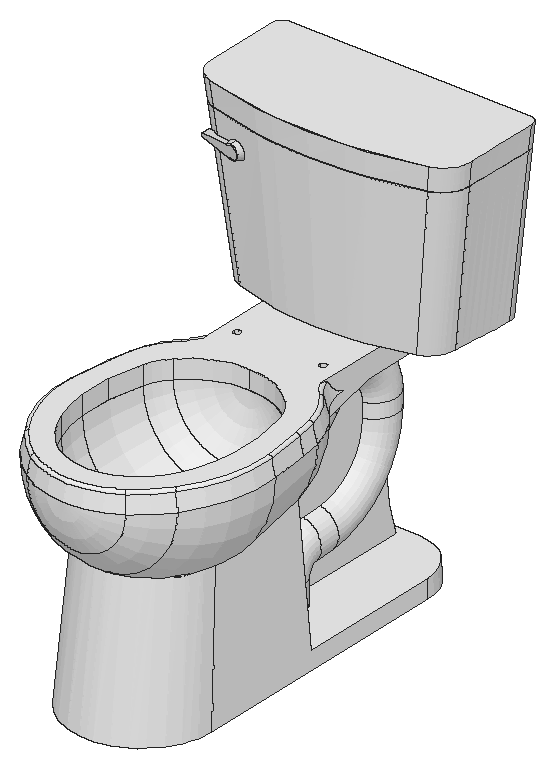
Revit family "Plumbing-Pressure-Assist-Water-Closet-Sloan-Valve-WETS-80298018z", category Plumbing Fixtures, host Face, Revit 2021 (continued)
Automatic sketch dimensions
  Masking region 1 sketch curve to Masking region 1 sketch curve = 3.22134"
  Masking region 1 sketch curve to Masking region 1 sketch curve = 1 1/4"
  Masking region 1 sketch curve to Masking region 1 sketch curve = 18.90159"
  Masking region 1 sketch curve to Masking region 1 sketch curve = 19.0791"
  Masking region 2 sketch curve to Masking region 2 sketch curve = 0"  (x21)
  Masking region 2 sketch curve to Masking region 2 sketch curve = 3/4"
  Masking region 2 sketch curve to Masking region 2 sketch curve = 1.02866"
  Masking region 2 sketch curve to Masking region 2 sketch curve = 2"  (x2)
  Masking region 2 sketch curve to Masking region 2 sketch curve = 2 1/4"  (x2)
  Masking region 2 sketch curve to Masking region 2 sketch curve = 2.79716"
  Masking region 2 sketch curve to Masking region 2 sketch curve = 0.52667"  (x2)
  Masking region 2 sketch curve to Masking region 2 sketch curve = 1.24583"
  Masking region 2 sketch curve to Masking region 2 sketch curve = 1.55117"  (x2)
  Masking region 2 sketch curve to Masking region 2 sketch curve = 1.66402"
  Masking region 2 sketch curve to Masking region 2 sketch curve = 0.70915"  (x2)
  Masking region 2 sketch curve to Masking region 2 sketch curve = 2.22418"  (x2)
  Masking region 2 sketch curve to Masking region 2 sketch curve = 0.38996"  (x2)
  Masking region 2 sketch curve to Masking region 2 sketch curve = 3.913"
  Masking region 2 sketch curve to Masking region 2 sketch curve = 4.50109"  (x2)
  Masking region 2 sketch curve to Masking region 2 sketch curve = 2.37129"  (x2)
  Masking region 2 sketch curve to Masking region 2 sketch curve = 2.31605"  (x2)
  Masking region 2 sketch curve to Masking region 2 sketch curve = 2.56575"  (x2)
  Masking region 2 sketch curve to Masking region 2 sketch curve = 5 33/128"
  Masking region 2 sketch curve to Masking region 2 sketch curve = 5.26793"
  Masking region 2 sketch curve to Masking region 2 sketch curve = 0.29604"  (x2)
  Masking region 2 sketch curve to Masking region 2 sketch curve = 17.12237"
  Masking region 2 sketch curve to Masking region 2 sketch curve = 8 3/8"
  Masking region 2 sketch curve to Masking region 2 sketch curve = 9 3/4"
  Masking region 2 sketch curve to Masking region 2 sketch curve = 3.22134"
  Masking region 2 sketch curve to Masking region 2 sketch curve = 1 1/4"
  Masking region 2 sketch curve to Masking region 2 sketch curve = 18.90159"
  Masking region 2 sketch curve to Masking region 2 sketch curve = 19.0791"
  plane 7 to Sweep 3 sketch curve = 16.44118"
  plane 7 to Sweep 3 sketch curve = 11 1/4"
  Sweep 3 sketch curve to Sweep 3 sketch curve = 1.57944"
  Sweep 3 sketch curve to Sweep 3 sketch curve = 1.22254"
  Sweep 3 sketch curve to Sweep 3 sketch curve = 1.50376"
  Sweep 3 sketch curve to Sweep 3 sketch curve = 2.37343"
  Sweep 3 sketch curve to Sweep 3 sketch curve = 3"
  Sweep 3 sketch curve to Sweep 3 sketch curve = 0.23912"
  Sweep 3 sketch curve to Sweep 3 sketch curve = 2.19457"
  Sweep 3 sketch curve to Sweep 3 sketch curve = 1.02691"
  Sweep 3 sketch curve to Sweep 3 sketch curve = 6.01869"
  Sweep 3 sketch curve to Sweep 3 sketch curve = 5.81653"
  Sweep 3 sketch curve to Sweep 3 sketch curve = 0.44425"
  Sweep 3 sketch curve to Sweep 3 sketch curve = 0"
  Sweep 3 sketch curve to Sweep 3 sketch curve = 1.66667"
  Sweep 3 sketch curve to Sweep 3 sketch curve = 0.07881"
  Sweep 3 sketch curve to Sweep 3 sketch curve = 2.69248"
  Extrusion 21 sketch curve to plane 7 = 0"
  plane 7 to Extrusion 21 sketch curve = 10.781"
  Extrusion 21 sketch curve to Extrusion 21 sketch curve = 2"
  plane 11 to Blend 22 sketch curve = 23 1/2"
  Blend 22 sketch curve to Blend 22 sketch curve = 3 1/2"  (x2)
  Blend 22 sketch curve to Blend 22 sketch curve = 4 7/8"
  Blend 22 sketch curve to Blend 22 sketch curve = 2 3/4"
  plane 11 to Blend 22 sketch curve = 4 67/128"
  plane 11 to Blend 22 sketch curve = 22.25397"
  plane 11 to Blend 22 sketch curve = 1 3/128"
  Blend 22 sketch curve to Blend 22 sketch curve = 4 5/16"
  Blend 22 sketch curve to Blend 22 sketch curve = 1 5/8"
  plane 11 to Extrusion 23 sketch curve = 13.77953"
  Extrusion 23 sketch curve to Extrusion 23 sketch curve = 5.00662"
  Extrusion 23 sketch curve to Extrusion 23 sketch curve = 1.37144"
  Extrusion 23 sketch curve to Extrusion 23 sketch curve = 0.83072"
  plane 11 to Extrusion 23 sketch curve = 2.01421"
  plane 11 to Extrusion 23 sketch curve = 1.80632"
  Extrusion 23 sketch curve to Extrusion 23 sketch curve = 1.24829"
  Extrusion 23 sketch curve to Extrusion 23 sketch curve = 2.7937"
  Sweep 24 sketch curve to profile plane = 0"  (x2)
  plane 8 to Blend 26 sketch curve = 0.21467"
  plane 8 to Blend 26 sketch curve = 0.58558"
  plane 11 to Blend 26 sketch curve = 5/16"
  plane 8 to Blend 26 sketch curve = 0.96182"
  Blend 26 sketch curve to Blend 26 sketch curve = 1.99239"
  plane 8 to Blend 26 sketch curve = 7 15/16"
  plane 9 to Blend 26 sketch curve = 2.57797"
  plane 9 to Blend 26 sketch curve = 0.96182"
  plane 9 to Blend 26 sketch curve = 0.58558"
  plane 9 to Blend 26 sketch curve = 0.21467"
  Blend 26 sketch curve to Blend 26 sketch curve = 3/4"  (x3)
  Blend 26 sketch curve to Blend 26 sketch curve = 4.13053"  (x2)
  Blend 26 sketch curve to Blend 26 sketch curve = 0.17431"  (x2)
  Blend 26 sketch curve to plane 11 = 9.28691"
  Blend 26 sketch curve to Blend 26 sketch curve = 0"  (x2)
  plane 11 to Blend 26 sketch curve = 0"
  plane 11 to Blend 26 sketch curve = 6 1/128"  (x2)
  Blend 26 sketch curve to Blend 26 sketch curve = 2"
  Blend 26 sketch curve to Blend 26 sketch curve = 8 3/8"
  Blend 26 sketch curve to Blend 26 sketch curve = 14 1/4"
  plane 11 to Blend 26 sketch curve = 3/4"
  Blend 26 sketch curve to Blend 26 sketch curve = 1 1/4"
  Blend 26 sketch curve to plane 11 = 19.0791"
  Extrusion 27 sketch curve to Extrusion 27 sketch curve = 2.41998"
  Extrusion 27 sketch curve to Extrusion 27 sketch curve = 0.01099"
  Extrusion 27 sketch curve to Extrusion 27 sketch curve = 0.0192"
  Extrusion 27 sketch curve to Extrusion 27 sketch curve = 0.16999"
  Extrusion 27 sketch curve to Extrusion 27 sketch curve = 0.15715"
  Extrusion 27 sketch curve to Extrusion 27 sketch curve = 0.78299"
  Revolve 28 sketch curve to Revolve 28 sketch curve = 0.48262"
  Revolve 28 sketch curve to Revolve 28 sketch curve = 1/2"
  Revolve 28 sketch curve to Revolve 28 sketch curve = 0.47889"
  Revolve 28 sketch curve to Revolve 28 sketch curve = 0.02676"
  Revolve 28 sketch curve to Revolve 28 sketch curve = 0.15681"
  Revolve 28 sketch curve to Revolve 28 sketch curve = 0"  (x2)
  Revolve 28 sketch curve to Revolve 28 sketch curve = 0.11261"
  plane 11 to Revolve 29 sketch curve = 18.41431"
  Revolve 29 sketch curve to Revolve 29 sketch curve = 0.38226"
  Revolve 29 sketch curve to Revolve 29 sketch curve = 213/256"
  Revolve 29 sketch curve to Revolve 29 sketch curve = 0"  (x10)
  Revolve 29 sketch curve to Revolve 29 sketch curve = 1.55117"
  Revolve 29 sketch curve to Revolve 29 sketch curve = 0.52667"
  Revolve 29 sketch curve to Revolve 29 sketch curve = 1.06316"
  Revolve 29 sketch curve to Revolve 29 sketch curve = 0.55817"
  Revolve 29 sketch curve to Revolve 29 sketch curve = 4.78572"
  Revolve 29 sketch curve to Revolve 29 sketch curve = 17.76248"
  Revolve 29 sketch curve to Revolve 29 sketch curve = 1.12242"
  Revolve 29 sketch curve to Revolve 29 sketch curve = 1.54616"
  Revolve 29 sketch curve to Revolve 29 sketch curve = 1.91616"
  Revolve 29 sketch curve to Revolve 29 sketch curve = 0.22012"
  Revolve 29 sketch curve to Revolve 29 sketch curve = 0.002"
  Revolve 29 sketch curve to Revolve 29 sketch curve = 0.38996"
  Revolve 29 sketch curve to Revolve 29 sketch curve = 2.4971"
  Revolve 29 sketch curve to Revolve 29 sketch curve = 1.76271"
  Revolve 29 sketch curve to Revolve 29 sketch curve = 0.46147"
  Revolve 29 sketch curve to Revolve 29 sketch curve = 1.76813"
  Revolve 29 sketch curve to Revolve 29 sketch curve = 2.37097"
  Revolve 29 sketch curve to Revolve 29 sketch curve = 1.94676"
  Revolve 29 sketch curve to Revolve 29 sketch curve = 0.65231"
  Revolve 29 sketch curve to Revolve 29 sketch curve = 3.62883"
  Revolve 29 sketch curve to Revolve 29 sketch curve = 2.41279"
  Revolve 29 sketch curve to Revolve 29 sketch curve = 0.18389"
  Revolve 29 sketch curve to Revolve 29 sketch curve = 1/2"
  Extrusion 30 sketch curve to Extrusion 30 sketch curve = 0.67182"
  Extrusion 30 sketch curve to Extrusion 30 sketch curve = 1.77234"
  Extrusion 30 sketch curve to Extrusion 30 sketch curve = 1.545"  (x2)
  Extrusion 30 sketch curve to Extrusion 30 sketch curve = 93/128"
  Extrusion 30 sketch curve to Extrusion 30 sketch curve = 0.40828"
  Extrusion 30 sketch curve to Extrusion 30 sketch curve = 2.54228"
  Extrusion 30 sketch curve to Extrusion 30 sketch curve = 2.74948"
  Blend 31 sketch curve to Blend 31 sketch curve = 0.99706"
  Blend 31 sketch curve to Blend 31 sketch curve = 0.24541"
  Blend 31 sketch curve to Blend 31 sketch curve = 1 13/16"
  Blend 31 sketch curve to Blend 31 sketch curve = 0.37271"
  Blend 32 sketch curve to Blend 32 sketch curve = 1 13/16"  (x2)
  Blend 32 sketch curve to Blend 32 sketch curve = 0.37271"
  Blend 32 sketch curve to Blend 32 sketch curve = 1.15396"
  plane 11 to Sweep 33 sketch curve = 26.57715"
  Sweep 33 sketch curve to Sweep 33 sketch curve = 9.12902"
  Sweep 33 sketch curve to Sweep 33 sketch curve = 0.84594"
  Sweep 33 sketch curve to Sweep 33 sketch curve = 3.46596"
  Sweep 33 sketch curve to Sweep 33 sketch curve = 1.9345"
  Sweep 33 sketch curve to Sweep 33 sketch curve = 0.18533"
  Sweep 33 sketch curve to Sweep 33 sketch curve = 1.3913"
  Sweep 33 sketch curve to Sweep 33 sketch curve = 1.1687"
  Sweep 33 sketch curve to Sweep 33 sketch curve = 3.42714"
  Sweep 33 sketch curve to Sweep 33 sketch curve = 1.86098"
  Sweep 33 sketch curve to Sweep 33 sketch curve = 1.34254"
  Sweep 33 sketch curve to Sweep 33 sketch curve = 1.96082"
  Sweep 33 sketch curve to Sweep 33 sketch curve = 0"  (x3)
  Sweep 33 sketch curve to Sweep 33 sketch curve = 2.59819"
  Sweep 33 sketch curve to profile plane = 0"
  Sweep 33 sketch curve to profile plane = 0.99706"  (x2)
  Sweep 34 sketch curve to Sweep 34 sketch curve = 0"  (x12)
  Sweep 34 sketch curve to plane 10 = 0"  (x4)
  plane 10 to Sweep 34 sketch curve = 5.70094"  (x2)
  plane 11 to Sweep 34 sketch curve = 10.88962"
  Sweep 34 sketch curve to Sweep 34 sketch curve = 18.15103"  (x2)
  Sweep 34 sketch curve to Sweep 34 sketch curve = 4"  (x2)
  Sweep 34 sketch curve to Sweep 34 sketch curve = 2.01849"
  Sweep 34 sketch curve to Sweep 34 sketch curve = 0.52667"  (x2)
  Sweep 34 sketch curve to Sweep 34 sketch curve = 1.24583"
  Sweep 34 sketch curve to Sweep 34 sketch curve = 1.55117"  (x2)
  Sweep 34 sketch curve to Sweep 34 sketch curve = 1.66402"
  Sweep 34 sketch curve to Sweep 34 sketch curve = 3.26432"
  plane 10 to Sweep 34 sketch curve = 4.99179"
  Sweep 34 sketch curve to Sweep 34 sketch curve = 2.22418"
  Sweep 34 sketch curve to Sweep 34 sketch curve = 0.38996"  (x2)
  Sweep 34 sketch curve to Sweep 34 sketch curve = 3.913"
  Sweep 34 sketch curve to Sweep 34 sketch curve = 6.87238"
  Sweep 34 sketch curve to Sweep 34 sketch curve = 5.26793"
  Sweep 34 sketch curve to Sweep 34 sketch curve = 0.29604"  (x2)
  Sweep 34 sketch curve to Sweep 34 sketch curve = 4.31887"  (x2)
  Sweep 34 sketch curve to profile plane = 0"
  Sweep 34 sketch curve to profile plane = 0.25828"
  Sweep 34 sketch curve to Sweep 34 sketch curve = 0.24359"
  Sweep 34 sketch curve to profile plane = 0.71616"
  profile plane to Sweep 34 sketch curve = 14 3/16"
  Sweep 34 sketch curve to Sweep 34 sketch curve = 1 1/16"
  Sweep 34 sketch curve to Sweep 34 sketch curve = 0.05624"
  Extrusion 35 sketch curve to Extrusion 35 sketch curve = 0"  (x20)
  plane 11 to Extrusion 35 sketch curve = 21.08289"
  Extrusion 35 sketch curve to Extrusion 35 sketch curve = 4.78572"  (x2)
  Extrusion 35 sketch curve to Extrusion 35 sketch curve = 0.55817"  (x2)
  Extrusion 35 sketch curve to Extrusion 35 sketch curve = 1.92673"  (x2)
  Extrusion 35 sketch curve to Extrusion 35 sketch curve = 3.141"
  Extrusion 35 sketch curve to Extrusion 35 sketch curve = 1.21427"  (x2)
  Extrusion 35 sketch curve to Extrusion 35 sketch curve = 0.37"  (x2)
  Extrusion 35 sketch curve to Extrusion 35 sketch curve = 0.22012"  (x2)
  Extrusion 35 sketch curve to Extrusion 35 sketch curve = 2.15467"
  Extrusion 35 sketch curve to Extrusion 35 sketch curve = 2.13627"
  Extrusion 35 sketch curve to Extrusion 35 sketch curve = 1.12242"  (x2)
  Extrusion 35 sketch curve to Extrusion 35 sketch curve = 1.58443"
  Extrusion 35 sketch curve to Extrusion 35 sketch curve = 1.57431"  (x2)
  Extrusion 36 sketch curve to Extrusion 36 sketch curve = 0"  (x15)
  plane 11 to Extrusion 36 sketch curve = 23.57999"  (x2)
  plane 11 to Extrusion 36 sketch curve = 10.88962"
  Extrusion 36 sketch curve to Extrusion 36 sketch curve = 18.15103"  (x2)
  Extrusion 36 sketch curve to Extrusion 36 sketch curve = 4"  (x2)
  Extrusion 36 sketch curve to Extrusion 36 sketch curve = 2.01849"
  Extrusion 36 sketch curve to Extrusion 36 sketch curve = 0.52667"  (x2)
  Extrusion 36 sketch curve to Extrusion 36 sketch curve = 1.24583"
  Extrusion 36 sketch curve to Extrusion 36 sketch curve = 1.55117"  (x2)
  Extrusion 36 sketch curve to Extrusion 36 sketch curve = 1.66402"
  Extrusion 36 sketch curve to Extrusion 36 sketch curve = 3.26432"
  Extrusion 36 sketch curve to Extrusion 36 sketch curve = 13.39952"
  Extrusion 36 sketch curve to Extrusion 36 sketch curve = 2.22418"  (x2)
  Extrusion 36 sketch curve to Extrusion 36 sketch curve = 0.38996"  (x2)
  Extrusion 36 sketch curve to Extrusion 36 sketch curve = 3.913"
  Extrusion 36 sketch curve to Extrusion 36 sketch curve = 3.98247"
  Extrusion 36 sketch curve to Extrusion 36 sketch curve = 0.39147"  (x2)
  Extrusion 36 sketch curve to Extrusion 36 sketch curve = 2.49844"
  Extrusion 36 sketch curve to Extrusion 36 sketch curve = 4.55398"
  Extrusion 36 sketch curve to Extrusion 36 sketch curve = 0.28975"  (x2)
  plane 11 to Extrusion 37 sketch curve = 15 3/4"
  Extrusion 37 sketch curve to Extrusion 37 sketch curve = 1.03091"
  Extrusion 37 sketch curve to plane 11 = 0.34835"
  Extrusion 37 sketch curve to Extrusion 37 sketch curve = 14.74266"
  plane 11 to Revolve 38 sketch curve = 18.41431"
  Revolve 38 sketch curve to Revolve 38 sketch curve = 1.21427"
  Revolve 38 sketch curve to Revolve 38 sketch curve = 3.141"
  Revolve 38 sketch curve to Revolve 38 sketch curve = 0.55817"
  Revolve 38 sketch curve to Revolve 38 sketch curve = 4.78572"
  Revolve 38 sketch curve to Revolve 38 sketch curve = 1.12242"
  Revolve 38 sketch curve to Revolve 38 sketch curve = 1.54616"
  Revolve 38 sketch curve to Revolve 38 sketch curve = 1.91616"
  Revolve 38 sketch curve to Revolve 38 sketch curve = 0.22012"
  Revolve 38 sketch curve to Revolve 38 sketch curve = 2.15467"
  Revolve 38 sketch curve to Revolve 38 sketch curve = 4.85057"
  Revolve 38 sketch curve to Revolve 38 sketch curve = 4.53114"
  Revolve 38 sketch curve to Revolve 38 sketch curve = 0"  (x5)
  Revolve 38 sketch curve to Revolve 38 sketch curve = 2.34667"
  Revolve 38 sketch curve to Revolve 38 sketch curve = 1/2"
  plane 11 to Extrusion 39 sketch curve = 11 3/8"
  Extrusion 39 sketch curve to Extrusion 39 sketch curve = 6"
  Extrusion 39 sketch curve to Extrusion 39 sketch curve = 0"
  Extrusion 40 sketch curve to Extrusion 40 sketch curve = 0"  (x17)
  plane 11 to Extrusion 40 sketch curve = 0"
  plane 11 to Extrusion 40 sketch curve = 6 1/128"  (x2)
  Extrusion 40 sketch curve to Extrusion 40 sketch curve = 1/4"
  Extrusion 40 sketch curve to Extrusion 40 sketch curve = 1/2"
  Extrusion 40 sketch curve to Extrusion 40 sketch curve = 1 3/4"  (x2)
  Extrusion 40 sketch curve to Extrusion 40 sketch curve = 8 3/8"
  Extrusion 40 sketch curve to Extrusion 40 sketch curve = 14 1/4"
  Extrusion 40 sketch curve to Extrusion 40 sketch curve = 1 1/4"
  Extrusion 40 sketch curve to plane 11 = 19.0791"
  plane 11 to Sweep 24 sketch curve = 16.44118"
  plane 11 to Sweep 24 sketch curve = 11 1/4"
  Sweep 24 sketch curve to Sweep 24 sketch curve = 1.57944"
  Sweep 24 sketch curve to Sweep 24 sketch curve = 1.22254"
  Sweep 24 sketch curve to Sweep 24 sketch curve = 1.50376"
  Sweep 24 sketch curve to Sweep 24 sketch curve = 2.37343"
  Sweep 24 sketch curve to Sweep 24 sketch curve = 3"
  Sweep 24 sketch curve to Sweep 24 sketch curve = 0.23912"
  Sweep 24 sketch curve to Sweep 24 sketch curve = 2.19457"
  Sweep 24 sketch curve to Sweep 24 sketch curve = 1.02691"
  Sweep 24 sketch curve to Sweep 24 sketch curve = 6.01869"
  Sweep 24 sketch curve to Sweep 24 sketch curve = 5.81653"
  Sweep 24 sketch curve to Sweep 24 sketch curve = 0.44425"
  Sweep 24 sketch curve to Sweep 24 sketch curve = 0"
  Sweep 24 sketch curve to Sweep 24 sketch curve = 1.66667"
  Sweep 24 sketch curve to Sweep 24 sketch curve = 0.07881"
  Sweep 24 sketch curve to Sweep 24 sketch curve = 2.69248"
  Extrusion 41 sketch curve to plane 11 = 0"
  plane 11 to Extrusion 41 sketch curve = 10.781"
  Extrusion 41 sketch curve to Extrusion 41 sketch curve = 2"
  plane 7 to Extrusion 4 sketch curve = 25.07129"
  Extrusion 4 sketch curve to Extrusion 4 sketch curve = 6.25633"
  Extrusion 4 sketch curve to Extrusion 4 sketch curve = 0.63587"
  Extrusion 4 sketch curve to Extrusion 4 sketch curve = 7.2727"
  Extrusion 4 sketch curve to Extrusion 4 sketch curve = 1.99428"
  Extrusion 4 sketch curve to Extrusion 4 sketch curve = 1.03117"
  plane 7 to Extrusion 4 sketch curve = 1.93503"
  plane 7 to Extrusion 4 sketch curve = 1.54092"
  Extrusion 4 sketch curve to plane 7 = 12.09356"
  Extrusion 4 sketch curve to Extrusion 4 sketch curve = 4.71404"
  Extrusion 4 sketch curve to Extrusion 4 sketch curve = 3.46658"
  Extrusion 4 sketch curve to Extrusion 4 sketch curve = 0.2571"
  Extrusion 4 sketch curve to Extrusion 4 sketch curve = 0"
  Extrusion 4 sketch curve to Extrusion 4 sketch curve = 5.1955"
  Extrusion 4 sketch curve to Extrusion 4 sketch curve = 7.268"
  Extrusion 4 sketch curve to Extrusion 4 sketch curve = 4 19/256"
  plane 11 to Extrusion 25 sketch curve = 25.07129"
  Extrusion 25 sketch curve to Extrusion 25 sketch curve = 6.25633"
  Extrusion 25 sketch curve to Extrusion 25 sketch curve = 0.63587"
  Extrusion 25 sketch curve to Extrusion 25 sketch curve = 7.2727"
  Extrusion 25 sketch curve to Extrusion 25 sketch curve = 1.99428"
  Extrusion 25 sketch curve to Extrusion 25 sketch curve = 1.03117"
  plane 11 to Extrusion 25 sketch curve = 1.93503"
  plane 11 to Extrusion 25 sketch curve = 1.54092"
  Extrusion 25 sketch curve to plane 11 = 12.09356"
  Extrusion 25 sketch curve to Extrusion 25 sketch curve = 4.71404"
  Extrusion 25 sketch curve to Extrusion 25 sketch curve = 3.46658"
  Extrusion 25 sketch curve to Extrusion 25 sketch curve = 0.2571"
  Extrusion 25 sketch curve to Extrusion 25 sketch curve = 0"
  Extrusion 25 sketch curve to Extrusion 25 sketch curve = 5.1955"
  Extrusion 25 sketch curve to Extrusion 25 sketch curve = 7.268"
  Extrusion 25 sketch curve to Extrusion 25 sketch curve = 4 19/256"
  radius of Sweep 3 sketch curve = 1 1/2"
  radius of Extrusion 5 sketch curve = 1/4"
  radius of Extrusion 19 sketch curve = 1/4"  (x2)
  radius of Sweep 24 sketch curve = 1 1/2"
  radius of Extrusion 39 sketch curve = 1/4"  (x2)
Connectors
  piping at (-152.4, 0, 254), diameter 12.7, driven by "Cold Water Connection Diameter", driven by "CWFU", driven by "Valve Pressure Drop", driven by "Cold Water Connector Description"
    settings: on Extrusion 5, index 1, connector inside diameter 24", connector length 0", flow factor 0, pipe flow 0 GPM, pressure drop 0.00 psi, fitting loss kfactor 0, connector angle 0.00°, fixture units 10, engagement length 0", angle of deflection 0.00°, flow configuration 3, flow direction 1, fitting loss method 4, system type 20, joint type 0, gender type 0, connector reference index -1, connector utility 0, adjustable connector no, is connector primary yes, connector description "Cold Water Connector d1/2\""
  piping at (0, -304.8, 0), diameter 53.975, driven by "Sanitary Drain Connection Diameter", driven by "WFU", driven by "Sanitary Drain Connector Description"
    settings: on Sweep 3, index 2, connector inside diameter 24", connector length 0", flow factor 0, pipe flow 0 GPM, pressure drop 0.00 psi, fitting loss kfactor 0, connector angle 0.00°, fixture units 10, engagement length 0", angle of deflection 0.00°, flow configuration 3, flow direction 2, fitting loss method 0, system type 16, joint type 0, gender type 0, connector reference index -1, connector utility 0, adjustable connector no, is connector primary no, connector description "Sanitary Drain Connector d2 1/8\""
Types (3): name | Water Closet Code | Product Material | Part Number | Model | Description
  (no name) | "2178029" | Sloan Valve - Vitreous China - SloanTec Glaze White | "WETS-8029.8018-STG" | "WETS-8029.8018-STG" | "Floor-Mounted 0.75 gpf (2.84 Lpf) ADA 12\" Rough-in Pressure-Assisted/Tank Toilet with SloanTec® Glaze."
  WETS-8029.8018 | "2108029" | Sloan Valve - Vitreous China - White | "WETS-8029.8018" | "WETS-8029.8018" | "Floor-Mounted 0.75 gpf (2.84 Lpf) ADA 12\" Rough-in Pressure-Assisted/Tank Toilet."
  WETS-8029.8018-STG | "2178029" | Sloan Valve - Vitreous China - SloanTec Glaze White | "WETS-8029.8018-STG" | "WETS-8029.8018-STG" | "Floor-Mounted 0.75 gpf (2.84 Lpf) ADA 12\" Rough-in Pressure-Assisted/Tank Toilet with SloanTec® Glaze."
